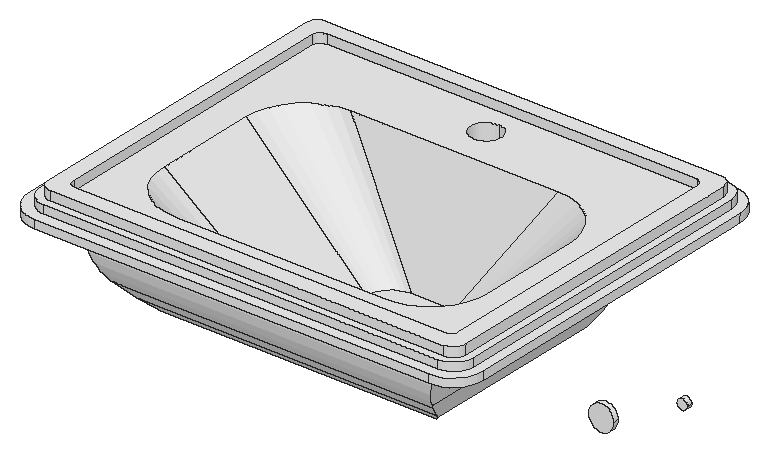
Revit family "Lavatory-Self-Rimming_ADA_LT531_TOTO", category Plumbing Fixtures, host Face, Revit 2013
Parameters
  ecoScorecard_data = "http://toto.ecoscorecard.com/product/LT531"
  ecoScorecard Product Page = "http://toto.ecoscorecard.com/product/LT531"
  Width = 22 1/2"  # constant formula
  Waste Connection NPT Radius = 5/8"  # constant formula
  Waste Connection = yes
  Warranty URL = "http://www.totousa.com/warranty-registration"
  Warranty = "One Year Limited Warranty"  # constant formula
  WFU = 0
  Vent Connection = no
  URL = "http://www.totousa.com"
  Toto BIM Number = "BM-00073"  # constant formula
  Subcategory = "Lavatories"  # constant formula
  Style = "Transitional"  # constant formula
  Spec Sheet URL = "http://assets.totousa.com/product-files/SS-00288_LT531.pdf"
  Sink Type = "Lavatory"  # constant formula
  Sink Configuration = "Single Sink"  # constant formula
  Shipping Weight = 28.00 lbf
  Series = "Promenade"  # constant formula
  SanoGloss Available = no
  Sanitary Connector = "Sanitary Connection"  # constant formula
  Product Page URL = " "
  Parts Manual URL = " "
  Mounting = "Self-Rimming"  # constant formula
  Model = "LT531"  # constant formula
  Material = "Vitreous China"  # constant formula
  Manufacturer Toll Free Phone = "1-888-295-8134"  # constant formula
  Manufacturer Phone = "(770) 282-8686"  # constant formula
  Manufacturer Fax = "(770) 282-0002"  # constant formula
  Manufacturer Email = "mailto:custservice@totousa.com"
  Manufacturer Address = "1155 Southern Road, Morrow, Georgia 30260"  # constant formula
  Manufacturer = "TOTO USA, Inc."  # constant formula
  Industry Standards = "Meets and exceeds ASME A112.19.2/CSA B45.1"  # constant formula
  Hot Water Connector = "Hot Water Connection"  # constant formula
  Hot Water Connection Radius = Hot Water Connection Diameter / 2  # 1/4"
  Hot Water Connection Diameter = 1/2"  # constant formula
  Height = 8 1/2"  # constant formula
  HWFU = 0
  HW Connection = yes
  Finish = Vitreous China - TOTO - 01 Cotton
  Description = "Self-Rimming Lavatory"  # constant formula
  Depth = 18 7/8"  # constant formula
  Default Elevation = 0"
  Cost Info = "mailto:custservice@totousa.com"
  Color Availability = "#01 Cotton, #03 Bone, #11 Colonial White, #12 Sedona Beige, #51 Ebony"  # constant formula
  Cold Water Connector = "Cold Water Connection"  # constant formula
  Cold Water Connection Radius = Cold Water Connection Diameter / 2  # 1/4"
  Cold Water Connection Diameter = 1/2"  # constant formula
  Code Compliance = "UPC, IPC, NSPC, NPC Canada, and others"  # constant formula
  Certifications = "IAPMO(cUPC), State of Massachusetts , City of Los Angeles, and others"  # constant formula
  CWFU = 0
  CW Connection = yes
  CAD Drawing URL = "http://assets.totousa.com/product-files/AD-00312_LT531.dxf"
  Basin Width = 16 3/4"  # constant formula
  Basin Depth = 11"  # constant formula
  Assembly Code = "D2010310"
  ADA Compliant = yes
  95 CSI = "15410"  # constant formula
  04 CSI = "22 42 16"  # constant formula
Reference planes (in)
  plane 1 "Center (Front/Back)": y = 0
  plane 2 "Bottom": z = 0
  plane 3 "Center (Left/Right)": x = 0
  plane 4 "Back": y = 9.4375
  plane 5 "Front": y = -9.4375
  plane 6 "Right": x = 11.25
  plane 7 "Left": x = -11.25
  plane 8: z = -7.25
  plane 9: z = 1.25
Forms (in)
  Extrusion 1, void
    sketch origin (-18.4375, -180, 35.125) x (-1, 0, 0) y (0, -1, 0)
      loop
        line (-8.89008, -187.46896) -> (-8.89008, -172.70492)
        arc (-8.89008, -172.70492) -> (-9.0054, -172.42652) -> (-9.28379, -172.31121) r 0.39371
        line (-9.28379, -172.31121) -> (-27.59121, -172.31121)
        arc (-27.59121, -172.31121) -> (-27.8696, -172.42652) -> (-27.98492, -172.70492) r 0.39371
        line (-27.98492, -172.70492) -> (-27.98492, -187.46896)
        arc (-27.98492, -187.46896) -> (-27.8696, -187.74735) -> (-27.59121, -187.86267) r 0.39371
        line (-27.59121, -187.86267) -> (-9.28379, -187.86267)
        arc (-9.28379, -187.86267) -> (-9.0054, -187.74735) -> (-8.89008, -187.46896) r 0.39371
    from -33.875 to -42.375
Dimensions and locks (in)
  equal spacing: plane 7 "Left", plane 3 "Center (Left/Right)", plane 6 "Right"
  equal spacing: plane 4 "Back", plane 1 "Center (Front/Back)", plane 5 "Front"
  "Depth": plane 4 "Back" to plane 5 "Front"
  "Width": plane 7 "Left" to plane 6 "Right"
  "Height": plane 9 to plane 8
  locked: plane 9 to level at 1.25
  aligned and locked: plane 2 "Bottom" to host face
  aligned and locked: level to host face
  aligned and locked: Extrusion 1 to plane 9
  aligned and locked: Extrusion 1 to plane 8
  aligned and locked: plane 3 "Center (Left/Right)" to nested 1
  aligned and locked: plane 1 "Center (Front/Back)" to nested 1
Automatic sketch dimensions
  host sketch curve to host sketch curve = 96"  (x2)
Nested families (in)
  nested 1: "Lavatory-Self-Rimming_ADA_LT531_TotoUSA" at (0, 0, 0), type "LT531"
Connectors (in)
  piping at (0, 13.6875, -15), driven by "Waste Connection NPT Radius", driven by "Waste Connection", driven by "Waste Connection", driven by "Sanitary Connector", driven by "WFU"
    settings: on nested 1, index 1, connector radius 5/8", flow factor 0, pipe flow 0 GPM, pressure drop 0.00 psi, fitting loss kfactor 0, connector angle 0.00°, fixture units 0, engagement length 0", flow configuration 3, flow direction 2, fitting loss method 0, system type 16, joint type 0, gender type 0, connector reference index -1, connector utility 1, adjustable connector yes, is connector primary yes, fitting loss table "", connector description "Sanitary Connection"
  piping at (-4, 13.6875, -13), driven by "Hot Water Connection Radius", driven by "HW Connection", driven by "HW Connection", driven by "Hot Water Connector", driven by "HWFU"
    settings: on nested 1, index 2, connector radius 1/4", flow factor 0, pipe flow 0 GPM, pressure drop 0.00 psi, fitting loss kfactor 0, connector angle 0.00°, fixture units 0, engagement length 0", flow configuration 3, flow direction 1, fitting loss method 0, system type 19, joint type 0, gender type 0, connector reference index -1, connector utility 1, adjustable connector yes, is connector primary no, fitting loss table "", connector description "Hot Water Connection"
  piping at (4, 13.6875, -13), driven by "Cold Water Connection Radius", driven by "CW Connection", driven by "CW Connection", driven by "Cold Water Connector", driven by "CWFU"
    settings: on nested 1, index 3, connector radius 1/4", flow factor 0, pipe flow 0 GPM, pressure drop 0.00 psi, fitting loss kfactor 0, connector angle 0.00°, fixture units 0, engagement length 0", flow configuration 3, flow direction 1, fitting loss method 0, system type 20, joint type 0, gender type 0, connector reference index -1, connector utility 1, adjustable connector yes, is connector primary no, fitting loss table "", connector description "Cold Water Connection"
Definition of nested family "Lavatory-Self-Rimming_ADA_LT531_TotoUSA"
  Parameters (values of type "LT531")
    Width = 22 1/2"  # constant formula
    Waste Connection NPT Radius = 5/8"
    Waste Connection = yes
    WFU = 0
    Vent Connection = yes
    URL = ""
    Model = ""
    Manufacturer = ""
    Height = 8 1/2"  # constant formula
    HWFU = 0
    HW Connection = yes
    Finish = Vitreous China - TOTO - 01 Cotton
    Description = ""
    Depth = 18 7/8"  # constant formula
    CWFU = 0
    CW Connection = yes
    Basin Width = 16 3/4"
    Basin Depth = 11"
    Assembly Code = ""
  Reference planes (in)
    plane 1 "Center (Front/Back)": y = 0
    plane 2: z = 0
    plane 3 "Center (Left/Right)": x = 0
    plane 4: y = 9.4375
    plane 5: y = -9.4375
    plane 6: x = -11.25
    plane 7: x = 11.25
    plane 8: z = -7.25
    plane 9: z = 1.25
    plane 10: z = -15
    plane 11 "Wall Closure": y = 13.4375
    plane 12: x = -4
    plane 13: x = 4
    plane 14: z = -13
    plane 15: z = 0.4
    plane 16: z = 0.8
    plane 17: y = 6.3125
    plane 18: z = -34
    plane 19: z = -0.51555
    plane 20: z = -5.24606
  Dimensions and locks (in)
    equal spacing: plane 4, plane 1 "Center (Front/Back)", plane 5  (x2)
    equal spacing: plane 6, plane 3 "Center (Left/Right)", plane 7  (x2)
    locked: plane 9 to plane 2 at 1.25
    equal spacing: plane 12, plane 3 "Center (Left/Right)", plane 13, locked at 4 each  (x2)
    locked: plane 2 to plane 10 at 15
    plane 4 to plane 11 "Wall Closure" = 4"
    "Height": plane 9 to plane 8
    locked: plane 2 to plane 14 at 13
    "Depth": plane 4 to plane 5
    "Width": plane 6 to plane 7
    locked: plane 9 to plane 16 at 0.45
    locked: plane 9 to plane 15 at 0.85
    locked: plane 17 to plane 4 at 3.125
    locked: plane 10 to plane 18 at 19
    locked: plane 9 to plane 20 at 6.49606
    aligned and locked: plane 3 "Center (Left/Right)" to nested 1
    aligned and locked: plane 1 "Center (Front/Back)" to nested 1
    aligned and locked: nested 1 to plane 2
    aligned and locked: plane 3 "Center (Left/Right)" to nested 2
    aligned and locked: plane 1 "Center (Front/Back)" to nested 2
    aligned and locked: nested 2 to plane 2
  Nested families (in)
    nested 1: "LT531" at (0, 0, 0), type "LT531"
    nested 2: "2D-PlanDetails" at (0, 0, -7.25), type "2D-PlanDetails"
  Definition of nested family "LT531"
    Parameters (values of type "LT531")
      Width = 22 1/2"  # constant formula
      Waste Connection = yes
      WFU = 0
      Vent Connection = yes
      URL = ""
      Model = ""
      Manufacturer = ""
      Length = 18 7/8"  # constant formula
      Lavatory Material = none
      Height = 8 1/2"  # constant formula
      HWFU = 0
      HW Connection = yes
      Description = ""
      CWFU = 0
      CW Connection = yes
      Assembly Code = ""
    Reference planes (in)
      plane 1 "Center (Front/Back)": y = 0
      plane 2: z = 0
      plane 3 "Center (Left/Right)": x = 0
      plane 4: y = 9.4375
      plane 5: y = -9.4375
      plane 6: x = -11.25
      plane 7: x = 11.25
      plane 8: z = -7.25
      plane 9: z = 1.25
      plane 10: z = -15
      plane 11 "Wall Closure": y = 13.4375
      plane 12: x = -4
      plane 13: x = 4
      plane 14: z = -13
      plane 15: z = 0.4
      plane 16: z = 0.8
      plane 17: y = 6.3125
      plane 18: z = -34
      plane 19: z = -0.51555
      plane 20: z = -5.24606
    Forms (in)
      Extrusion 1, solid, material <- "Lavatory Material", detail levels fine
        sketch origin (0, 0, 0) x (1, 0, 0) y (0, 1, 0)
          loop
            line (-11.25, 7.9375) -> (-11.25, -7.9375)
            arc (-11.25, -7.9375) -> (-10.81066, -8.99816) -> (-9.75, -9.4375) r 1.5
            line (-9.75, -9.4375) -> (9.75, -9.4375)
            arc (9.75, -9.4375) -> (10.81066, -8.99816) -> (11.25, -7.9375) r 1.5
            line (11.25, -7.9375) -> (11.25, 7.9375)
            arc (11.25, 7.9375) -> (10.81066, 8.99816) -> (9.75, 9.4375) r 1.5
            line (9.75, 9.4375) -> (-9.75, 9.4375)
            arc (-9.75, 9.4375) -> (-10.81066, 8.99816) -> (-11.25, 7.9375) r 1.5
          loop
            arc (-9.74427, 9.04379) -> (-10.44025, 8.75551) -> (-10.72854, 8.05952) r 0.98427
            line (-10.72854, 8.05952) -> (-10.72854, -7.88565)
            arc (-10.72854, -7.88565) -> (-10.44025, -8.58163) -> (-9.74427, -8.86992) r 0.98427
            line (-9.74427, -8.86992) -> (9.74427, -8.86992)
            arc (9.74427, -8.86992) -> (10.44025, -8.58163) -> (10.72854, -7.88565) r 0.98427
            line (10.72854, -7.88565) -> (10.72854, 8.05952)
            arc (10.72854, 8.05952) -> (10.44025, 8.75551) -> (9.74427, 9.04379) r 0.98427
            line (9.74427, 9.04379) -> (-9.74427, 9.04379)
        from 0 to 0.4
      Extrusion 2, solid, material <- "Lavatory Material", detail levels fine
        sketch origin (0, 0, 0) x (1, 0, 0) y (0, 1, 0)
          loop
            line (-10.72854, 8.05952) -> (-10.72854, -7.88565)
            arc (-10.72854, -7.88565) -> (-10.44025, -8.58163) -> (-9.74427, -8.86992) r 0.98427
            line (-9.74427, -8.86992) -> (9.74427, -8.86992)
            arc (9.74427, -8.86992) -> (10.44025, -8.58163) -> (10.72854, -7.88565) r 0.98427
            line (10.72854, -7.88565) -> (10.72854, 8.05952)
            arc (10.72854, 8.05952) -> (10.44025, 8.75551) -> (9.74427, 9.04379) r 0.98427
            line (9.74427, 9.04379) -> (-9.74427, 9.04379)
            arc (-9.74427, 9.04379) -> (-10.44025, 8.75551) -> (-10.72854, 8.05952) r 0.98427
          loop
            arc (-9.74427, 8.65008) -> (-10.16186, 8.47711) -> (-10.33483, 8.05952) r 0.59056
            line (-10.33483, 8.05952) -> (-10.33483, -7.88565)
            arc (-10.33483, -7.88565) -> (-10.16186, -8.30324) -> (-9.74427, -8.47621) r 0.59056
            line (-9.74427, -8.47621) -> (9.74427, -8.47621)
            arc (9.74427, -8.47621) -> (10.16186, -8.30324) -> (10.33483, -7.88565) r 0.59056
            line (10.33483, -7.88565) -> (10.33483, 8.05952)
            arc (10.33483, 8.05952) -> (10.16186, 8.47711) -> (9.74427, 8.65008) r 0.59056
            line (9.74427, 8.65008) -> (-9.74427, 8.65008)
        from 0 to 0.8
      Extrusion 3, solid, material <- "Lavatory Material", detail levels fine
        sketch origin (0, 0, 0) x (1, 0, 0) y (0, 1, 0)
          loop
            line (-10.33483, 8.05952) -> (-10.33483, -7.88565)
            arc (-10.33483, -7.88565) -> (-10.16186, -8.30324) -> (-9.74427, -8.47621) r 0.59056
            line (-9.74427, -8.47621) -> (9.74427, -8.47621)
            arc (9.74427, -8.47621) -> (10.16186, -8.30324) -> (10.33483, -7.88565) r 0.59056
            line (10.33483, -7.88565) -> (10.33483, 8.05952)
            arc (10.33483, 8.05952) -> (10.16186, 8.47711) -> (9.74427, 8.65008) r 0.59056
            line (9.74427, 8.65008) -> (-9.74427, 8.65008)
            arc (-9.74427, 8.65008) -> (-10.16186, 8.47711) -> (-10.33483, 8.05952) r 0.59056
        from 0 to 1.25
      Extrusion 4, solid, material <- "Lavatory Material", detail levels fine
        sketch origin (0, 0, 0) x (1, 0, 0) y (0, 0, 1)
          loop
            arc (-8.80357, 0) -> (-8.4836, -1.36224) -> (-8.0098, -2.6789) r 12.20494
            arc (-8.0098, -2.6789) -> (-6.91239, -4.33847) -> (-5.29726, -5.5003) r 5.51191
            arc (-5.29726, -5.5003) -> (-3.63099, -6.14441) -> (-1.88855, -6.53838) r 12.20494
            line (-1.88855, -6.53838) -> (-1.17693, -7.25) -> (1.30505, -7.25)
            arc (1.30505, -7.25) -> (1.67543, -6.85978) -> (2.06515, -6.48887) r 10.59518
            arc (2.06515, -6.48887) -> (3.71646, -6.09557) -> (5.29726, -5.477) r 12.2077
            arc (5.29726, -5.477) -> (6.91234, -4.31486) -> (8.0098, -2.65515) r 5.51418
            arc (8.0098, -2.65515) -> (8.48016, -1.35005) -> (8.79938, 0) r 12.20521
            line (8.79938, 0) -> (-8.80357, 0)
        from -7.2623 to 7.88565
      Extrusion 5, void
        sketch origin (0, 0, 0) x (0, 1, 0) y (0, 0, 1)
          loop
            line (-7.7401, -0.83683) -> (-7.78764, 0) -> (-7.88565, 0) -> (-7.88565, -7.25) -> (0.12504, -7.25)
            arc (0.12504, -7.25) -> (-0.02683, -6.9436) -> (-0.25125, -6.68557) r 1.34096
            line (-0.25125, -6.68557) -> (-3.72782, -5.31421)
            arc (-3.72782, -5.31421) -> (-4.92446, -4.68416) -> (-5.95666, -3.81038) r 6.22058
            line (-5.95666, -3.81038) -> (-6.88007, -2.83687)
            arc (-6.88007, -2.83687) -> (-7.48839, -1.91352) -> (-7.7401, -0.83683) r 3.14966
        from -11.25 to 11.25
      Extrusion 6, void
        sketch origin (0, 0, 0) x (0, 1, 0) y (0, 0, 1)
          loop
            line (7.2623, -7.25) -> (7.2623, 0) -> (4.52397, 0)
            arc (4.52397, 0) -> (4.26899, -2.19569) -> (3.85046, -4.36616) r 29.52809
            arc (3.85046, -4.36616) -> (3.64243, -4.83721) -> (3.27599, -5.19899) r 1.37798
            arc (3.27599, -5.19899) -> (3.19589, -5.2765) -> (3.1478, -5.37705) r 0.31497
            line (3.1478, -5.37705) -> (2.63301, -7.25) -> (7.2623, -7.25)
        from -11.25 to 11.25
      SweptBlend 7, void
        path origin (0, 0, 0) x (1, 0, 0) y (0, 0, 1)
          loop
            line (0, 1.25) -> (0, -5.24606)
        profile origin (0, 0, 1.25) x (0, -1, 0) y (1, 0, 0)
          loop
            line (-4.4375, 5.4375) -> (-4.4375, -5.4375)
            arc (-4.4375, -5.4375) -> (-3.55882, -7.55882) -> (-1.4375, -8.4375) r 3
            line (-1.4375, -8.4375) -> (3.6875, -8.4375)
            arc (3.6875, -8.4375) -> (5.80882, -7.55882) -> (6.6875, -5.4375) r 3
            line (6.6875, -5.4375) -> (6.6875, 5.4375)
            arc (6.6875, 5.4375) -> (5.80882, 7.55882) -> (3.6875, 8.4375) r 3
            line (3.6875, 8.4375) -> (-1.4375, 8.4375)
            arc (-1.4375, 8.4375) -> (-3.55882, 7.55882) -> (-4.4375, 5.4375) r 3
        end profile origin (0, 0, -5.24606) x (0, -1, 0) y (1, 0, 0)
          loop
            arc (-2.963, -1.04719) -> (-2.59514, -1.93529) -> (-1.70705, -2.30315) r 1.25596
            line (-1.70705, -2.30315) -> (2.32061, -2.30315)
            arc (2.32061, -2.30315) -> (3.20871, -1.93529) -> (3.57657, -1.04719) r 1.25596
            line (3.57657, -1.04719) -> (3.57657, 1.04719)
            arc (3.57657, 1.04719) -> (3.20871, 1.93529) -> (2.32061, 2.30315) r 1.25596
            line (2.32061, 2.30315) -> (-1.70705, 2.30315)
            arc (-1.70705, 2.30315) -> (-2.59514, 1.93529) -> (-2.963, 1.04719) r 1.25596
            line (-2.963, 1.04719) -> (-2.963, -1.04719)
      Extrusion 8, void
        sketch origin (0, 0, 0) x (1, 0, 0) y (0, 1, 0)
          loop
            arc (-9.15371, 7.86267) -> (-9.4321, 7.74735) -> (-9.54742, 7.46896) r 0.39371
            line (-9.54742, 7.46896) -> (-9.54742, -7.29508)
            arc (-9.54742, -7.29508) -> (-9.4321, -7.57348) -> (-9.15371, -7.68879) r 0.39371
            line (-9.15371, -7.68879) -> (9.15371, -7.68879)
            arc (9.15371, -7.68879) -> (9.4321, -7.57348) -> (9.54742, -7.29508) r 0.39371
            line (9.54742, -7.29508) -> (9.54742, 7.46896)
            arc (9.54742, 7.46896) -> (9.4321, 7.74735) -> (9.15371, 7.86267) r 0.39371
            line (9.15371, 7.86267) -> (-9.15371, 7.86267)
        from 0.8 to 1.25
      Extrusion 9, void
        sketch origin (0, 0, 0) x (0, 1, 0) y (1, 0, 0)
          loop
            circle (6.3125, 0) r 0.75
        from -1.25 to 0
      Extrusion 10, void
        sketch origin (-19, -180, -7.25) x (-1, 0, 0) y (0, -1, 0)
          loop
            circle (-19, -181.56334) r 0.75
        from 0 to 2.00394
      Extrusion 11, solid, material <- "Lavatory Material"
        sketch origin (0, 0, 0) x (1, 0, 0) y (0, 0, 1)
          loop
            circle (0, -15) r 0.625
        from -13.6875 to -13.4375
      Extrusion 12, solid, material <- "Lavatory Material"
        sketch origin (0, 0, 0) x (1, 0, 0) y (0, 0, 1)
          loop
            circle (-4, -13) r 0.25
          loop
            circle (4, -13) r 0.25
        from -13.6875 to -13.4375
      Extrusion 13, void
        sketch origin (0, 0, 0) x (1, 0, 0) y (0, 0, 1)
          loop
            circle (0, -0.44291) r 0.3125
          loop
            circle (1.10236, -0.44291) r 0.3125
          loop
            circle (-1.10236, -0.44291) r 0.3125
        from 0 to 9.4375
      Extrusion 14, solid, material <- "Lavatory Material", detail levels coarse
        sketch origin (-9.54742, -180, 1.25) x (0, -1, 0) y (-1, 0, 0)
          loop
            line (-170.5625, 1.70258) -> (-189.4375, 1.70258) -> (-189.4375, -20.79742) -> (-170.5625, -20.79742) -> (-170.5625, 1.70258)
        from 0 to 1.25
      Sweep 15, solid, material <- "Lavatory Material", detail levels coarse
        path origin (0, 0, 0) x (1, 0, 0) y (0, 0, 1)
          loop
            line (0, 0) -> (0, -7.25)
        profile origin (0, 0, -3.625) x (0, -1, 0) y (1, 0, 0)
          loop
            line (-4.52399, -8.80363) -> (7.78764, -8.80363) -> (7.78764, 8.79938) -> (-4.52399, 8.79938) -> (-4.52399, -8.80363)
      Extrusion 16, solid, material <- "Lavatory Material", detail levels medium
        sketch origin (0, 0, 0) x (1, 0, 0) y (0, 1, 0)
          loop
            line (-10.33483, 8.05952) -> (-10.33483, -7.88565)
            arc (-10.33483, -7.88565) -> (-10.16186, -8.30324) -> (-9.74427, -8.47621) r 0.59056
            line (-9.74427, -8.47621) -> (9.74427, -8.47621)
            arc (9.74427, -8.47621) -> (10.16186, -8.30324) -> (10.33483, -7.88565) r 0.59056
            line (10.33483, -7.88565) -> (10.33483, 8.05952)
            arc (10.33483, 8.05952) -> (10.16186, 8.47711) -> (9.74427, 8.65008) r 0.59056
            line (9.74427, 8.65008) -> (-9.74427, 8.65008)
            arc (-9.74427, 8.65008) -> (-10.16186, 8.47711) -> (-10.33483, 8.05952) r 0.59056
        from 0 to 1.25
      Extrusion 17, void
        sketch origin (0, 0, 0) x (0, 1, 0) y (0, 0, 1)
          loop
            line (-7.7401, -0.83683) -> (-7.78764, 0) -> (-7.88565, 0) -> (-7.88565, -7.25) -> (0.12504, -7.25)
            arc (0.12504, -7.25) -> (-0.02683, -6.9436) -> (-0.25125, -6.68557) r 1.34096
            line (-0.25125, -6.68557) -> (-3.72782, -5.31421)
            arc (-3.72782, -5.31421) -> (-4.92446, -4.68416) -> (-5.95666, -3.81038) r 6.22058
            line (-5.95666, -3.81038) -> (-6.88007, -2.83687)
            arc (-6.88007, -2.83687) -> (-7.48839, -1.91352) -> (-7.7401, -0.83683) r 3.14966
        from -11.25 to 11.25
      Extrusion 18, void
        sketch origin (0, 0, 0) x (0, 1, 0) y (0, 0, 1)
          loop
            line (7.2623, -7.25) -> (7.2623, 0) -> (4.52397, 0)
            arc (4.52397, 0) -> (4.26899, -2.19569) -> (3.85046, -4.36616) r 29.52809
            arc (3.85046, -4.36616) -> (3.64243, -4.83721) -> (3.27599, -5.19899) r 1.37798
            arc (3.27599, -5.19899) -> (3.19589, -5.2765) -> (3.1478, -5.37705) r 0.31497
            line (3.1478, -5.37705) -> (2.63301, -7.25) -> (7.2623, -7.25)
        from -11.25 to 11.25
      SweptBlend 19, void
        path origin (0, 0, 0) x (1, 0, 0) y (0, 0, 1)
          loop
            line (0, 1.25) -> (0, -5.24606)
        profile origin (0, 0, 1.25) x (0, -1, 0) y (1, 0, 0)
          loop
            line (-4.4375, 5.4375) -> (-4.4375, -5.4375)
            arc (-4.4375, -5.4375) -> (-3.55882, -7.55882) -> (-1.4375, -8.4375) r 3
            line (-1.4375, -8.4375) -> (3.6875, -8.4375)
            arc (3.6875, -8.4375) -> (5.80882, -7.55882) -> (6.6875, -5.4375) r 3
            line (6.6875, -5.4375) -> (6.6875, 5.4375)
            arc (6.6875, 5.4375) -> (5.80882, 7.55882) -> (3.6875, 8.4375) r 3
            line (3.6875, 8.4375) -> (-1.4375, 8.4375)
            arc (-1.4375, 8.4375) -> (-3.55882, 7.55882) -> (-4.4375, 5.4375) r 3
        end profile origin (0, 0, -5.24606) x (0, -1, 0) y (1, 0, 0)
          loop
            arc (-2.963, -1.04719) -> (-2.59514, -1.93529) -> (-1.70705, -2.30315) r 1.25596
            line (-1.70705, -2.30315) -> (2.32061, -2.30315)
            arc (2.32061, -2.30315) -> (3.20871, -1.93529) -> (3.57657, -1.04719) r 1.25596
            line (3.57657, -1.04719) -> (3.57657, 1.04719)
            arc (3.57657, 1.04719) -> (3.20871, 1.93529) -> (2.32061, 2.30315) r 1.25596
            line (2.32061, 2.30315) -> (-1.70705, 2.30315)
            arc (-1.70705, 2.30315) -> (-2.59514, 1.93529) -> (-2.963, 1.04719) r 1.25596
            line (-2.963, 1.04719) -> (-2.963, -1.04719)
      Extrusion 20, void
        sketch origin (0, 0, 0) x (1, 0, 0) y (0, 1, 0)
          loop
            arc (-9.15371, 7.86267) -> (-9.4321, 7.74735) -> (-9.54742, 7.46896) r 0.39371
            line (-9.54742, 7.46896) -> (-9.54742, -7.29508)
            arc (-9.54742, -7.29508) -> (-9.4321, -7.57348) -> (-9.15371, -7.68879) r 0.39371
            line (-9.15371, -7.68879) -> (9.15371, -7.68879)
            arc (9.15371, -7.68879) -> (9.4321, -7.57348) -> (9.54742, -7.29508) r 0.39371
            line (9.54742, -7.29508) -> (9.54742, 7.46896)
            arc (9.54742, 7.46896) -> (9.4321, 7.74735) -> (9.15371, 7.86267) r 0.39371
            line (9.15371, 7.86267) -> (-9.15371, 7.86267)
        from 0.8 to 1.25
      Extrusion 21, solid, material <- "Lavatory Material", detail levels medium
        sketch origin (0, 0, 0) x (1, 0, 0) y (0, 0, 1)
          loop
            arc (-8.80357, -0.00009) -> (-8.4836, -1.3623) -> (-8.0098, -2.67894) r 12.20495
            arc (-8.0098, -2.67894) -> (-6.91239, -4.3385) -> (-5.29727, -5.50033) r 5.51189
            arc (-5.29727, -5.50033) -> (-3.631, -6.14443) -> (-1.88856, -6.53841) r 12.20496
            line (-1.88856, -6.53841) -> (-1.17694, -7.24993) -> (1.30506, -7.24993)
            arc (1.30506, -7.24993) -> (1.67544, -6.85971) -> (2.06515, -6.4888) r 10.5952
            arc (2.06515, -6.4888) -> (3.71647, -6.09549) -> (5.29726, -5.47692) r 12.20767
            arc (5.29726, -5.47692) -> (6.91267, -4.31448) -> (8.01021, -2.6543) r 5.51424
            arc (8.01021, -2.6543) -> (8.4803, -1.34965) -> (8.79937, -0.00009) r 12.20521
            line (8.79937, -0.00009) -> (-8.80357, -0.00009)
        from -7.2623 to 7.88565
      Extrusion 22, solid, material <- "Lavatory Material", detail levels medium+fine
        sketch origin (0, 0, 0) x (1, 0, 0) y (0, 1, 0)
          loop
            line (-11.25, 7.9375) -> (-11.25, -7.9375)
            arc (-11.25, -7.9375) -> (-10.81066, -8.99816) -> (-9.75, -9.4375) r 1.5
            line (-9.75, -9.4375) -> (9.75, -9.4375)
            arc (9.75, -9.4375) -> (10.81066, -8.99816) -> (11.25, -7.9375) r 1.5
            line (11.25, -7.9375) -> (11.25, 7.9375)
            arc (11.25, 7.9375) -> (10.81066, 8.99816) -> (9.75, 9.4375) r 1.5
            line (9.75, 9.4375) -> (-9.75, 9.4375)
            arc (-9.75, 9.4375) -> (-10.81066, 8.99816) -> (-11.25, 7.9375) r 1.5
          loop
            arc (-9.74427, 9.04379) -> (-10.44025, 8.75551) -> (-10.72854, 8.05952) r 0.98427
            line (-10.72854, 8.05952) -> (-10.72854, -7.88565)
            arc (-10.72854, -7.88565) -> (-10.44025, -8.58163) -> (-9.74427, -8.86992) r 0.98427
            line (-9.74427, -8.86992) -> (9.74427, -8.86992)
            arc (9.74427, -8.86992) -> (10.44025, -8.58163) -> (10.72854, -7.88565) r 0.98427
            line (10.72854, -7.88565) -> (10.72854, 8.05952)
            arc (10.72854, 8.05952) -> (10.44025, 8.75551) -> (9.74427, 9.04379) r 0.98427
            line (9.74427, 9.04379) -> (-9.74427, 9.04379)
        from 0 to 0.4
      Extrusion 23, solid, material <- "Lavatory Material", detail levels medium+fine
        sketch origin (0, 0, 0) x (1, 0, 0) y (0, 1, 0)
          loop
            line (-10.72854, 8.05952) -> (-10.72854, -7.88565)
            arc (-10.72854, -7.88565) -> (-10.44025, -8.58163) -> (-9.74427, -8.86992) r 0.98427
            line (-9.74427, -8.86992) -> (9.74427, -8.86992)
            arc (9.74427, -8.86992) -> (10.44025, -8.58163) -> (10.72854, -7.88565) r 0.98427
            line (10.72854, -7.88565) -> (10.72854, 8.05952)
            arc (10.72854, 8.05952) -> (10.44025, 8.75551) -> (9.74427, 9.04379) r 0.98427
            line (9.74427, 9.04379) -> (-9.74427, 9.04379)
            arc (-9.74427, 9.04379) -> (-10.44025, 8.75551) -> (-10.72854, 8.05952) r 0.98427
          loop
            arc (-9.74427, 8.65008) -> (-10.16186, 8.47711) -> (-10.33483, 8.05952) r 0.59056
            line (-10.33483, 8.05952) -> (-10.33483, -7.88565)
            arc (-10.33483, -7.88565) -> (-10.16186, -8.30324) -> (-9.74427, -8.47621) r 0.59056
            line (-9.74427, -8.47621) -> (9.74427, -8.47621)
            arc (9.74427, -8.47621) -> (10.16186, -8.30324) -> (10.33483, -7.88565) r 0.59056
            line (10.33483, -7.88565) -> (10.33483, 8.05952)
            arc (10.33483, 8.05952) -> (10.16186, 8.47711) -> (9.74427, 8.65008) r 0.59056
            line (9.74427, 8.65008) -> (-9.74427, 8.65008)
        from 0 to 0.8
    Cuts and joins
      Extrusion 5, Extrusion 6, SweptBlend 7, Extrusion 8, Extrusion 9, Extrusion 10, Extrusion 13, Extrusion 17, Extrusion 18, SweptBlend 19, Extrusion 20 cuts Extrusion 1
      SweptBlend 7, Extrusion 8, Extrusion 10, Extrusion 13, Extrusion 17, Extrusion 18, SweptBlend 19, Extrusion 20 cuts Extrusion 2
      Extrusion 5, Extrusion 6, SweptBlend 7, Extrusion 8, Extrusion 9, Extrusion 10, Extrusion 13, Extrusion 17, Extrusion 18, SweptBlend 19, Extrusion 20 cuts Extrusion 3
      Extrusion 5, Extrusion 6, SweptBlend 7, Extrusion 8, Extrusion 10, Extrusion 13, Extrusion 17, Extrusion 18, SweptBlend 19, Extrusion 20 cuts Extrusion 4
      joined: Extrusion 1, Extrusion 2, Extrusion 3, Extrusion 4
      Extrusion 17, Extrusion 18, SweptBlend 19, Extrusion 20 cuts Extrusion 14
      Extrusion 17, SweptBlend 19, Extrusion 20 cuts Extrusion 16
      Extrusion 17, Extrusion 18, SweptBlend 19, Extrusion 20 cuts Extrusion 21
      joined: Extrusion 16, Extrusion 21
      joined: Extrusion 22, Extrusion 23
    Dimensions and locks (in)
      equal spacing: plane 4, plane 1 "Center (Front/Back)", plane 5  (x2)
      equal spacing: plane 6, plane 3 "Center (Left/Right)", plane 7  (x2)
      locked: plane 9 to plane 2 at 1.25
      locked: Extrusion 11 sketch curve to plane 10 at 0
      locked: Extrusion 11 sketch curve to plane 3 "Center (Left/Right)" at 0
      locked: plane 11 "Wall Closure" to Extrusion 11 at 0.25
      equal spacing: plane 12, plane 3 "Center (Left/Right)", plane 13, locked at 4 each  (x2)
      locked: plane 2 to plane 10 at 15
      locked: plane 14 to Extrusion 12 sketch curve at 0  (x2)
      locked: plane 12 to Extrusion 12 sketch curve at 0
      locked: plane 13 to Extrusion 12 sketch curve at 0
      plane 4 to plane 11 "Wall Closure" = 4"
      "Height": plane 9 to plane 8
      locked: plane 2 to plane 14 at 13
      "Length": plane 4 to plane 5
      "Width": plane 6 to plane 7
      locked: plane 9 to plane 16 at 0.45
      locked: plane 9 to plane 15 at 0.85
      locked: Extrusion 1 sketch curve to plane 6 at 0
      locked: Extrusion 1 sketch curve to plane 4 at 0
      locked: Extrusion 1 sketch curve to plane 7 at 1.5  (x2)
      locked: plane 4 to Extrusion 1 sketch curve at 1.5
      locked: Extrusion 1 sketch curve to plane 5 at 1.5  (x2)
      locked: plane 6 to Extrusion 1 sketch curve at 1.5
      locked: plane 6 to Extrusion 1 sketch curve at 0.52146
      locked: plane 4 to Extrusion 1 sketch curve at 0.39371
      locked: Extrusion 1 sketch curve to plane 7 at 0.52146
      locked: plane 5 to Extrusion 1 sketch curve at 0.56758
      plane 6 to Extrusion 2 sketch curve to Extrusion 2 sketch curve = 0.52146" locked, 0.39371" locked
      Extrusion 2 sketch curve to Extrusion 2 sketch curve to plane 4 = 0.39371" locked, 0.39371" locked
      Extrusion 2 sketch curve to Extrusion 2 sketch curve to plane 7 = 0.39371" locked, 0.52146" locked
      cut or joined group of Extrusion 1, Extrusion 2, Extrusion 3, Extrusion 4, Extrusion 5, Extrusion 6, SweptBlend 7, Extrusion 8, Extrusion 9, Extrusion 10, Extrusion 13, Extrusion 17, Extrusion 18, SweptBlend 19, Extrusion 20 to cut or joined group of Extrusion 1, Extrusion 2, Extrusion 3, Extrusion 4, Extrusion 5, Extrusion 6, SweptBlend 7, Extrusion 8, Extrusion 9, Extrusion 10, Extrusion 13, Extrusion 17, Extrusion 18, SweptBlend 19, Extrusion 20 to plane 5 = 0.39371" locked, 0.56758" locked
      plane 6 to Extrusion 2 sketch curve = 0.91517"  (x2)
      locked: Extrusion 2 sketch curve to plane 5 at 0.96129  (x2)
      locked: Extrusion 2 sketch curve to plane 5 at 0.56758
      Extrusion 2 sketch curve to plane 7 = 0.91517"
      locked: Extrusion 2 sketch curve to plane 5 at 1.55185
      locked: plane 4 to Extrusion 2 sketch curve at 0.78742
      locked: plane 4 to Extrusion 2 sketch curve at 1.37798  (x2)
      locked: plane 4 to Extrusion 2 sketch curve at 0.39371
      plane 4 to Extrusion 2 sketch curve = 0.78742"
      plane 4 to Extrusion 2 sketch curve = 0.39371"
      locked: plane 6 to Extrusion 8 sketch curve at 1.70258
      locked: Extrusion 8 sketch curve to plane 4 at 1.57483
      locked: Extrusion 8 sketch curve to plane 7 at 1.70258
      locked: plane 5 to Extrusion 8 sketch curve at 1.74871
      locked: plane 3 "Center (Left/Right)" to Extrusion 10 sketch curve at 0
      locked: plane 1 "Center (Front/Back)" to cut or joined group of Extrusion 1, Extrusion 2, Extrusion 3, Extrusion 4, Extrusion 5, Extrusion 6, SweptBlend 7, Extrusion 8, Extrusion 9, Extrusion 10, Extrusion 13, Extrusion 17, Extrusion 18, SweptBlend 19, Extrusion 20 at 1.56334
      locked: plane 17 to plane 4 at 3.125
      locked: plane 3 "Center (Left/Right)" to Extrusion 9 sketch curve at 0
      locked: plane 17 to Extrusion 9 sketch curve at 0
      locked: Extrusion 5 sketch curve to plane 1 "Center (Front/Back)" at 3.72782
      locked: Extrusion 5 sketch curve to plane 1 "Center (Front/Back)" at 5.95666
      locked: Extrusion 5 sketch curve to plane 1 "Center (Front/Back)" at 4.59489
      locked: Extrusion 5 sketch curve to plane 1 "Center (Front/Back)" at 7.7401
      locked: Extrusion 5 sketch curve to plane 1 "Center (Front/Back)" at 7.78764
      locked: plane 5 to Extrusion 5 sketch curve at 1.55185
      locked: plane 17 to Extrusion 6 sketch curve at 0.9498
      locked: Extrusion 6 sketch curve to plane 17 at 2.46204
      locked: Extrusion 6 sketch curve to plane 17 at 3.1647
      locked: plane 6 to SweptBlend 7 sketch curve at 2.8125  (x2)
      locked: SweptBlend 7 sketch curve to plane 5 at 2.75  (x2)
      plane 5 to SweptBlend 7 sketch curve = 2 3/4"
      locked: SweptBlend 7 sketch curve to plane 7 at 2.8125  (x2)
      SweptBlend 7 sketch curve to plane 7 = 2 13/16"
      locked: SweptBlend 7 sketch curve to plane 17 at 1.875  (x2)
      plane 17 to SweptBlend 7 sketch curve = 1 7/8"
      locked: SweptBlend 7 sketch curve to plane 17 at 4.875
      locked: plane 10 to plane 18 at 19
      locked: Extrusion 4 sketch curve to plane 2 at 0  (x2)
      plane 2 to Extrusion 4 sketch curve = 2.6789"
      locked: Extrusion 4 sketch curve to plane 13 at 1.93485
      locked: plane 13 to Extrusion 4 sketch curve at 1.29726
      locked: plane 13 to Extrusion 4 sketch curve at 4.0098
      plane 13 to cut or joined group of Extrusion 1, Extrusion 2, Extrusion 3, Extrusion 4, Extrusion 5, Extrusion 6, SweptBlend 7, Extrusion 8, Extrusion 9, Extrusion 10, Extrusion 13, Extrusion 17, Extrusion 18, SweptBlend 19, Extrusion 20 = 4.62068"
      Extrusion 4 sketch curve to plane 2 = 0"
      locked: plane 5 to cut or joined group of Extrusion 1, Extrusion 2, Extrusion 3, Extrusion 4, Extrusion 5, Extrusion 6, SweptBlend 7, Extrusion 8, Extrusion 9, Extrusion 10, Extrusion 13, Extrusion 17, Extrusion 18, SweptBlend 19, Extrusion 20 at 1.74871
      locked: plane 5 to cut or joined group of Extrusion 1, Extrusion 2, Extrusion 3, Extrusion 4, Extrusion 5, Extrusion 6, SweptBlend 7, Extrusion 8, Extrusion 9, Extrusion 10, Extrusion 13, Extrusion 17, Extrusion 18, SweptBlend 19, Extrusion 20 at 1.64986
      locked: plane 9 to plane 20 at 6.49606
      locked: Extrusion 13 sketch curve to plane 19 at 0.07263  (x3)
      locked: plane 3 "Center (Left/Right)" to Extrusion 13 sketch curve at 0
      locked: Extrusion 13 sketch curve to plane 3 "Center (Left/Right)" at 1.10236
      locked: plane 3 "Center (Left/Right)" to Extrusion 13 sketch curve at 1.10236
      locked: plane 6 to Extrusion 4 sketch curve at 2.44643
      locked: plane 6 to Extrusion 4 sketch curve at 9.36145
      Extrusion 4 sketch curve to plane 7 = 9.18485"
      locked: Extrusion 4 sketch curve to plane 7 at 2.45062
      locked: Extrusion 5 sketch curve to plane 1 "Center (Front/Back)" at 0.25125
      locked: Extrusion 23 sketch curve to Extrusion 23 sketch curve at 0.39371  (x3)
      locked: Extrusion 11 sketch curve to Extrusion 11 sketch curve (radius 5/8")
      radius of Extrusion 12 sketch curve = 1/4"  (x2)
      radius of Extrusion 13 sketch curve = 5/16"  (x3)
      aligned and locked: Extrusion 11 to plane 11 "Wall Closure"
      aligned and locked: Extrusion 11 to Extrusion 12
      aligned and locked: Extrusion 12 to Extrusion 11
      aligned and locked: Extrusion 3 to SweptBlend 7
      aligned and locked: Extrusion 1 to level
      aligned and locked: Extrusion 3 to level
      aligned and locked: plane 4 to Extrusion 1 sketch curve
      aligned and locked: Extrusion 1 sketch curve to plane 7
      aligned and locked: Extrusion 1 sketch curve to plane 5
      aligned and locked: plane 8 to Extrusion 10
      aligned and locked: Extrusion 10 to SweptBlend 7
      aligned and locked: Extrusion 3 to Extrusion 9
      aligned and locked: Extrusion 9 to level
      aligned and locked: plane 6 to Extrusion 5
      aligned and locked: plane 8 to Extrusion 5 sketch curve
      aligned and locked: Extrusion 5 sketch curve to plane 2
      aligned and locked: Extrusion 6 to plane 7
      aligned and locked: Extrusion 6 sketch curve to plane 2
      aligned and locked: plane 8 to Extrusion 6 sketch curve
      aligned and locked: Extrusion 6 to Extrusion 4
      aligned and locked: plane 20 to SweptBlend 7 sketch curve
      aligned and locked: plane 9 to SweptBlend 7 sketch curve
      aligned and locked: SweptBlend 7 sketch curve to plane 3 "Center (Left/Right)"
      aligned and locked: cut or joined group of Extrusion 1, Extrusion 2, Extrusion 3, Extrusion 4, Extrusion 5, Extrusion 6, SweptBlend 7, Extrusion 8, Extrusion 9, Extrusion 10, Extrusion 13, Extrusion 17, Extrusion 18, SweptBlend 19, Extrusion 20 to plane 1 "Center (Front/Back)"
      aligned and locked: cut or joined group of Extrusion 1, Extrusion 2, Extrusion 3, Extrusion 4, Extrusion 5, Extrusion 6, SweptBlend 7, Extrusion 8, Extrusion 9, Extrusion 10, Extrusion 13, Extrusion 17, Extrusion 18, SweptBlend 19, Extrusion 20 to plane 5
      aligned and locked: plane 8 to Extrusion 4 sketch curve
      aligned and locked: plane 6 to Extrusion 14 sketch curve
      aligned and locked: plane 7 to Extrusion 14 sketch curve
      aligned and locked: plane 4 to Extrusion 14 sketch curve
      aligned and locked: plane 5 to Extrusion 14 sketch curve
      aligned and locked: Extrusion 14 to plane 2
      aligned and locked: Extrusion 14 to plane 9
      aligned and locked: plane 2 to Sweep 15 sketch curve
      aligned and locked: plane 8 to Sweep 15 sketch curve
      aligned and locked: Extrusion 16 to SweptBlend 19
    Automatic sketch dimensions
      Extrusion 16 sketch curve to Extrusion 16 sketch curve = 0.59056"  (x3)
      Extrusion 16 sketch curve to Extrusion 16 sketch curve = 19.48854"
      Extrusion 16 sketch curve to Extrusion 16 sketch curve = 0"
      Extrusion 17 sketch curve to Extrusion 17 sketch curve = 0.09801"
      Extrusion 17 sketch curve to Extrusion 17 sketch curve = 0.04754"
      Extrusion 17 sketch curve to Extrusion 17 sketch curve = 0.86003"
      Extrusion 17 sketch curve to Extrusion 17 sketch curve = 0.92341"
      Extrusion 17 sketch curve to Extrusion 17 sketch curve = 2.28518"
      Extrusion 17 sketch curve to Extrusion 17 sketch curve = 2.22884"
      Extrusion 18 sketch curve to Extrusion 18 sketch curve = 0.63968"
      Extrusion 18 sketch curve to Extrusion 18 sketch curve = 0.12819"
      Extrusion 18 sketch curve to Extrusion 18 sketch curve = 0"  (x2)
      SweptBlend 19 sketch curve to SweptBlend 19 sketch curve = 3"
      profile plane to SweptBlend 19 sketch curve = 8 7/16"
      SweptBlend 19 sketch curve to profile plane = 5 7/16"
      SweptBlend 19 sketch curve to profile plane = 1.04719"
      SweptBlend 19 sketch curve to SweptBlend 19 sketch curve = 1.25596"  (x2)
      profile plane to SweptBlend 19 sketch curve = 1.04719"
      SweptBlend 19 sketch curve to SweptBlend 19 sketch curve = 0"
      Extrusion 20 sketch curve to Extrusion 20 sketch curve = 0.39371"  (x3)
      Extrusion 20 sketch curve to Extrusion 20 sketch curve = 18.30742"
      Extrusion 20 sketch curve to Extrusion 20 sketch curve = 0"
      Extrusion 21 sketch curve to Extrusion 21 sketch curve = 0.79377"
      Extrusion 21 sketch curve to Extrusion 21 sketch curve = 0"  (x3)
      Extrusion 21 sketch curve to Extrusion 21 sketch curve = 2.71253"
      Extrusion 21 sketch curve to Extrusion 21 sketch curve = 5.58483"
      Extrusion 21 sketch curve to Extrusion 21 sketch curve = 0.27974"
      Extrusion 21 sketch curve to Extrusion 21 sketch curve = 3.40871"
      Extrusion 21 sketch curve to Extrusion 21 sketch curve = 0.71162"
      Extrusion 21 sketch curve to Extrusion 21 sketch curve = 37/256"
      Extrusion 21 sketch curve to Extrusion 21 sketch curve = 2.482"
      Extrusion 21 sketch curve to Extrusion 21 sketch curve = 0.76009"
      Extrusion 21 sketch curve to Extrusion 21 sketch curve = 0.28141"
      Extrusion 21 sketch curve to Extrusion 21 sketch curve = 3.23211"
      Extrusion 16 sketch curve to Extrusion 16 sketch curve = 15.94517"
      Extrusion 17 sketch curve to Extrusion 17 sketch curve = 3.14966"
      Extrusion 17 sketch curve to Extrusion 17 sketch curve = 2.58526"
      Extrusion 17 sketch curve to Extrusion 17 sketch curve = 0.89131"
      Extrusion 17 sketch curve to Extrusion 17 sketch curve = 0.37629"
      Extrusion 17 sketch curve to Extrusion 17 sketch curve = 0.43743"
      Extrusion 17 sketch curve to Extrusion 17 sketch curve = 2.37322"
      Extrusion 17 sketch curve to Extrusion 17 sketch curve = 1.50383"
      Extrusion 17 sketch curve to Extrusion 17 sketch curve = 0.97351"
      Extrusion 17 sketch curve to Extrusion 17 sketch curve = 2.00004"
      Extrusion 17 sketch curve to Extrusion 17 sketch curve = 0.83683"
      Extrusion 18 sketch curve to Extrusion 18 sketch curve = 27.42206"
      Extrusion 18 sketch curve to Extrusion 18 sketch curve = 0.51479"
      Extrusion 18 sketch curve to Extrusion 18 sketch curve = 0.17551"
      Extrusion 18 sketch curve to Extrusion 18 sketch curve = 0.57447"
      Extrusion 18 sketch curve to Extrusion 18 sketch curve = 0.67351"
      Extrusion 18 sketch curve to Extrusion 18 sketch curve = 3.81079"
      Extrusion 18 sketch curve to Extrusion 18 sketch curve = 1.78948"
      Extrusion 18 sketch curve to Extrusion 18 sketch curve = 0.08348"
      SweptBlend 19 sketch curve to SweptBlend 19 sketch curve = 6.49606"
      SweptBlend 19 sketch curve to profile plane = 4 7/16"
      SweptBlend 19 sketch curve to profile plane = 1 7/16"  (x2)
      profile plane to SweptBlend 19 sketch curve = 3 11/16"  (x2)
      SweptBlend 19 sketch curve to profile plane = 2.963"
      SweptBlend 19 sketch curve to profile plane = 1 181/256"
      profile plane to SweptBlend 19 sketch curve = 2.32061"
      Extrusion 20 sketch curve to Extrusion 20 sketch curve = 14.76404"
      Extrusion 21 sketch curve to Extrusion 21 sketch curve = 3.14338"
      Extrusion 21 sketch curve to Extrusion 21 sketch curve = 2.36023"
      Extrusion 21 sketch curve to Extrusion 21 sketch curve = 2.71294"
      Extrusion 21 sketch curve to Extrusion 21 sketch curve = 0.78917"
      Extrusion 21 sketch curve to Extrusion 21 sketch curve = 3.87522"
      Extrusion 21 sketch curve to Extrusion 21 sketch curve = 7.09662"
      Extrusion 21 sketch curve to Extrusion 21 sketch curve = 0.71152"
      Extrusion 21 sketch curve to Extrusion 21 sketch curve = 1.03808"
      Extrusion 21 sketch curve to Extrusion 21 sketch curve = 1.01188"
      Extrusion 1 sketch curve to Extrusion 1 sketch curve = 0.97854"
      Extrusion 1 sketch curve to Extrusion 1 sketch curve = 0.00573"  (x4)
      Extrusion 2 sketch curve to Extrusion 2 sketch curve = 0"  (x5)
      Extrusion 2 sketch curve to Extrusion 2 sketch curve = 0.59056"  (x2)
      Extrusion 3 sketch curve to plane 6 = 0.91517"
      Extrusion 3 sketch curve to Extrusion 3 sketch curve = 0.59056"  (x3)
      plane 7 to Extrusion 3 sketch curve = 1.50573"  (x2)
      plane 5 to Extrusion 3 sketch curve = 0.96129"
      Extrusion 3 sketch curve to plane 4 = 1.37798"
      Extrusion 4 sketch curve to Extrusion 4 sketch curve = 0.79377"
      Extrusion 4 sketch curve to Extrusion 4 sketch curve = 0"  (x2)
      plane 20 to Extrusion 4 sketch curve = 0.25424"
      Extrusion 4 sketch curve to Extrusion 4 sketch curve = 3.40871"
      Extrusion 4 sketch curve to plane 12 = 0.78128"
      plane 19 to Extrusion 4 sketch curve = 0.00282"
      Extrusion 4 sketch curve to Extrusion 4 sketch curve = 0.71162"
      Extrusion 4 sketch curve to plane 3 "Center (Left/Right)" = 0.07536"
      plane 3 "Center (Left/Right)" to Extrusion 4 sketch curve = 0.06918"
      Extrusion 4 sketch curve to Extrusion 4 sketch curve = 0.76009"
      Extrusion 4 sketch curve to plane 19 = 0.02205"
      Extrusion 4 sketch curve to Extrusion 4 sketch curve = 0.28146"
      Extrusion 4 sketch curve to plane 10 = 0.65341"
      plane 7 to Extrusion 4 sketch curve = 2.07753"
      Extrusion 4 sketch curve to Extrusion 4 sketch curve = 1.01187"
      Extrusion 5 sketch curve to Extrusion 5 sketch curve = 0.92341"
      Extrusion 5 sketch curve to plane 15 = 0.07245"
      plane 1 "Center (Front/Back)" to Extrusion 5 sketch curve = 1.44523"
      plane 8 to Extrusion 5 sketch curve = 0.43743"
      plane 1 "Center (Front/Back)" to Extrusion 5 sketch curve = 1.14257"
      Extrusion 5 sketch curve to plane 1 "Center (Front/Back)" = 0.12504"
      plane 20 to Extrusion 5 sketch curve = 0.06815"
      Extrusion 5 sketch curve to Extrusion 5 sketch curve = 0.97351"
      plane 19 to Extrusion 5 sketch curve = 0.32128"
      Extrusion 6 sketch curve to Extrusion 6 sketch curve = 0.51479"
      Extrusion 6 sketch curve to Extrusion 6 sketch curve = 1.34234"
      Extrusion 6 sketch curve to plane 9 = 1.056"
      Extrusion 6 sketch curve to plane 5 = 15.47644"
      Extrusion 6 sketch curve to plane 20 = 0.04707"
      Extrusion 6 sketch curve to Extrusion 6 sketch curve = 0.12819"
      Extrusion 6 sketch curve to Extrusion 6 sketch curve = 0"  (x2)
      plane 20 to Extrusion 6 sketch curve = 0.21446"
      SweptBlend 7 sketch curve to plane 1 "Center (Front/Back)" = 1 7/16"
      plane 1 "Center (Front/Back)" to SweptBlend 7 sketch curve = 3 11/16"  (x2)
      SweptBlend 7 sketch curve to profile plane = 1.04719"
      SweptBlend 7 sketch curve to plane 1 "Center (Front/Back)" = 2.963"
      SweptBlend 7 sketch curve to plane 1 "Center (Front/Back)" = 1 181/256"
      SweptBlend 7 sketch curve to SweptBlend 7 sketch curve = 1.25596"  (x2)
      plane 1 "Center (Front/Back)" to SweptBlend 7 sketch curve = 2.32061"
      profile plane to SweptBlend 7 sketch curve = 1.04719"
      SweptBlend 7 sketch curve to SweptBlend 7 sketch curve = 0"
      Extrusion 8 sketch curve to Extrusion 8 sketch curve = 0.39371"  (x4)
      Extrusion 10 sketch curve to plane 1 "Center (Front/Back)" = 1.56334"
      Sweep 15 sketch curve to plane 3 "Center (Left/Right)" = 0"
      Sweep 15 sketch curve to plane 1 "Center (Front/Back)" = 4.52399"
      plane 1 "Center (Front/Back)" to Sweep 15 sketch curve = 7.78764"
      profile plane to Sweep 15 sketch curve = 8.80363"
      Sweep 15 sketch curve to profile plane = 8.79938"
      Extrusion 22 sketch curve to Extrusion 22 sketch curve = 0.52146"  (x2)
      Extrusion 22 sketch curve to Extrusion 22 sketch curve = 0.97854"  (x2)
      Extrusion 22 sketch curve to Extrusion 22 sketch curve = 0.00573"  (x4)
      Extrusion 22 sketch curve to Extrusion 22 sketch curve = 19.48854"
      Extrusion 22 sketch curve to Extrusion 22 sketch curve = 0"
      Extrusion 22 sketch curve to Extrusion 22 sketch curve = 0.98427"
      Extrusion 23 sketch curve to Extrusion 23 sketch curve = 0"  (x14)
      Extrusion 23 sketch curve to Extrusion 23 sketch curve = 0.59056"  (x3)
      Extrusion 23 sketch curve to Extrusion 23 sketch curve = 19.48854"
      Extrusion 22 sketch curve to Extrusion 22 sketch curve = 0.56758"
      Extrusion 22 sketch curve to Extrusion 22 sketch curve = 15.82315"
      Extrusion 22 sketch curve to Extrusion 22 sketch curve = 0.12202"
      Extrusion 23 sketch curve to Extrusion 23 sketch curve = 15.94517"
      Extrusion 16 sketch curve to plane 6 = 0.91517"
      plane 5 to Extrusion 16 sketch curve = 0.96129"
      Extrusion 17 sketch curve to level = 0"
      plane 5 to Extrusion 17 sketch curve = 1.55185"
      plane 8 to Extrusion 18 sketch curve = 0"
      Extrusion 18 sketch curve to plane 5 = 15.47644"
      SweptBlend 19 sketch curve to plane 3 "Center (Left/Right)" = 0"
      SweptBlend 19 sketch curve to plane 20 = 0"
      Extrusion 20 sketch curve to plane 6 = 1.70258"
      plane 5 to Extrusion 20 sketch curve = 1.74871"
      Extrusion 21 sketch curve to level = 0.00009"
      Extrusion 21 sketch curve to plane 6 = 2.44643"
      Extrusion 22 sketch curve to plane 6 = 0"
      Extrusion 22 sketch curve to plane 5 = 0"
      Extrusion 23 sketch curve to plane 6 = 0.52146"
      plane 5 to Extrusion 23 sketch curve = 0.56758"
      radius of Extrusion 9 sketch curve = 3/4"
      radius of Extrusion 10 sketch curve = 3/4"
  Definition of nested family "2D-PlanDetails"
    Parameters (values of type "2D-PlanDetails")
      Width = 22 1/2"
      Height = 8 1/2"
      Depth = 18 7/8"
      Assembly Code = ""
    Reference planes (in)
      plane 1 "Center (Front/Back)": y = 0
      plane 2: z = 0
      plane 3 "Center (Left/Right)": x = 0
      plane 4: x = -11.25
      plane 5: y = 9.4375
      plane 6: y = -9.4375
      plane 7: x = 11.25
      plane 8: z = 8.5
    Lines and regions (in)
      symbolic lines, style "PlumbingFixtures", detail levels coarse
        curve 1: arc (-4.5927, 4.15377, 0) -> (-6.47672, 3.37339, 0) -> (-7.2571, 1.48937, 0) r 2.6644
        curve 2: arc (-7.2571, -3.42448, 0) -> (-6.47672, -5.3085, 0) -> (-4.5927, -6.08888, 0) r 2.6644
        curve 3: arc (4.5927, -6.08888, 0) -> (6.47672, -5.3085, 0) -> (7.2571, -3.42448, 0) r 2.6644
        curve 4: arc (7.2571, 1.48937, 0) -> (6.47672, 3.37339, 0) -> (4.5927, 4.15377, 0) r 2.6644
        curve 5: arc (-9.15371, 7.86267, 0) -> (-9.4321, 7.74735, 0) -> (-9.54742, 7.46896, 0) r 0.39371
        curve 6: arc (9.54742, 7.46896, 0) -> (9.4321, 7.74735, 0) -> (9.15371, 7.86267, 0) r 0.39371
        curve 7: arc (9.15371, -7.68879, 0) -> (9.4321, -7.57348, 0) -> (9.54742, -7.29508, 0) r 0.39371
        curve 8: arc (-9.54742, -7.29508, 0) -> (-9.4321, -7.57348, 0) -> (-9.15371, -7.68879, 0) r 0.39371
        curve 9: arc (8.01256, 1.45617, 0) -> (7.16926, 3.49206, 0) -> (5.13337, 4.33536, 0) r 2.87919
        curve 10: arc (5.13337, -6.472, 0) -> (7.16926, -5.6287, 0) -> (8.01256, -3.59281, 0) r 2.87919
        curve 11: arc (-8.01256, -3.59281, 0) -> (-7.16926, -5.6287, 0) -> (-5.13337, -6.472, 0) r 2.87919
        curve 24: line (4.5927, 4.15377, 0) -> (-4.5927, 4.15377, 0)
        curve 25: line (-7.2571, 1.48937, 0) -> (-7.2571, -3.42448, 0)
        curve 26: line (-4.5927, -6.08888, 0) -> (4.5927, -6.08888, 0)
        curve 27: line (7.2571, -3.42448, 0) -> (7.2571, 1.48937, 0)
        curve 28: line (-11.25, 9.4375, 0) -> (-11.25, -9.4375, 0)
        curve 29: line (-11.25, -9.4375, 0) -> (11.25, -9.4375, 0)
        curve 30: line (11.25, -9.4375, 0) -> (11.25, 9.4375, 0)
        curve 31: line (11.25, 9.4375, 0) -> (-11.25, 9.4375, 0)
        curve 32: line (-9.54742, -7.29508, 0) -> (-9.54742, 7.46896, 0)
        curve 33: line (-9.15371, 7.86267, 0) -> (9.15371, 7.86267, 0)
        curve 34: line (9.54742, 7.46896, 0) -> (9.54742, -7.29508, 0)
        curve 35: line (9.15371, -7.68879, 0) -> (-9.15371, -7.68879, 0)
        curve 36: line (5.13337, 4.33536, 0) -> (-5.13337, 4.33536, 0)
        curve 37: line (8.01256, -3.59281, 0) -> (8.01256, 1.45617, 0)
        curve 38: line (-5.13337, -6.472, 0) -> (5.13337, -6.472, 0)
        curve 39: line (-8.01256, 1.45617, 0) -> (-8.01256, -3.59281, 0)
        curve 40: arc (-5.13337, 4.33536, 0) -> (-7.16926, 3.49206, 0) -> (-8.01256, 1.45617, 0) r 2.87919
      symbolic lines, style "PlumbingFixtures"
        curve 12: line (-4.25, 13.4375, 0) -> (-3.75, 13.4375, 0)
        curve 13: line (-3.75, 13.4375, 0) -> (-3.75, 13.6875, 0)
        curve 14: line (-3.75, 13.6875, 0) -> (-4.25, 13.6875, 0)
        curve 15: line (-4.25, 13.6875, 0) -> (-4.25, 13.4375, 0)
        curve 16: line (3.75, 13.4375, 0) -> (4.25, 13.4375, 0)
        curve 17: line (4.25, 13.4375, 0) -> (4.25, 13.6875, 0)
        curve 18: line (4.25, 13.6875, 0) -> (3.75, 13.6875, 0)
        curve 19: line (3.75, 13.6875, 0) -> (3.75, 13.4375, 0)
        curve 20: line (-0.625, 13.4375, 0) -> (0.625, 13.4375, 0)
        curve 21: line (0.625, 13.4375, 0) -> (0.625, 13.6875, 0)
        curve 22: line (0.625, 13.6875, 0) -> (-0.625, 13.6875, 0)
        curve 23: line (-0.625, 13.6875, 0) -> (-0.625, 13.4375, 0)
      symbolic lines, style "PlumbingFixtures", detail levels medium
        curve 41: arc (2.30315, 1.70705, 0) -> (1.93529, 2.59514, 0) -> (1.04719, 2.963, 0) r 1.25596
        curve 42: arc (8.01256, 1.45617, 0) -> (7.16926, 3.49206, 0) -> (5.13337, 4.33536, 0) r 2.87919
        curve 43: arc (1.04719, -3.57657, 0) -> (1.93529, -3.20871, 0) -> (2.30315, -2.32061, 0) r 1.25596
        curve 44: arc (5.13337, -6.472, 0) -> (7.16926, -5.6287, 0) -> (8.01256, -3.59281, 0) r 2.87919
        curve 45: arc (-2.30315, -2.32061, 0) -> (-1.93529, -3.20871, 0) -> (-1.04719, -3.57657, 0) r 1.25596
        curve 46: arc (-8.01256, -3.59281, 0) -> (-7.16926, -5.6287, 0) -> (-5.13337, -6.472, 0) r 2.87919
        curve 47: arc (-1.04719, 2.963, 0) -> (-1.93529, 2.59514, 0) -> (-2.30315, 1.70705, 0) r 1.25596
        curve 48: arc (-5.13337, 4.33536, 0) -> (-7.16926, 3.49206, 0) -> (-8.01256, 1.45617, 0) r 2.87919
        curve 49: arc (-9.74427, 8.65008, 0) -> (-10.16186, 8.47711, 0) -> (-10.33483, 8.05952, 0) r 0.59056
        curve 50: arc (-10.33483, -7.88565, 0) -> (-10.16186, -8.30324, 0) -> (-9.74427, -8.47621, 0) r 0.59056
        curve 51: arc (9.74427, -8.47621, 0) -> (10.16186, -8.30324, 0) -> (10.33483, -7.88565, 0) r 0.59056
        curve 52: arc (10.33483, 8.05952, 0) -> (10.16186, 8.47711, 0) -> (9.74427, 8.65008, 0) r 0.59056
        curve 53: arc (-9.15371, 7.86267, 0) -> (-9.4321, 7.74735, 0) -> (-9.54742, 7.46896, 0) r 0.39371
        curve 54: arc (9.54742, 7.46896, 0) -> (9.4321, 7.74735, 0) -> (9.15371, 7.86267, 0) r 0.39371
        curve 55: arc (9.15371, -7.68879, 0) -> (9.4321, -7.57348, 0) -> (9.54742, -7.29508, 0) r 0.39371
        curve 56: arc (-9.54742, -7.29508, 0) -> (-9.4321, -7.57348, 0) -> (-9.15371, -7.68879, 0) r 0.39371
        curve 57: arc (-11.25, -7.9375, 0) -> (-10.81066, -8.99816, 0) -> (-9.75, -9.4375, 0) r 1.5
        curve 58: arc (9.75, -9.4375, 0) -> (10.81066, -8.99816, 0) -> (11.25, -7.9375, 0) r 1.5
        curve 59: arc (11.25, 7.9375, 0) -> (10.81066, 8.99816, 0) -> (9.75, 9.4375, 0) r 1.5
        curve 60: arc (-9.75, 9.4375, 0) -> (-10.81066, 8.99816, 0) -> (-11.25, 7.9375, 0) r 1.5
        curve 61: arc (-9.74427, 9.04379, 0) -> (-10.44025, 8.75551, 0) -> (-10.72854, 8.05952, 0) r 0.98427
        curve 62: arc (-10.72854, -7.88565, 0) -> (-10.44025, -8.58163, 0) -> (-9.74427, -8.86992, 0) r 0.98427
        curve 63: arc (9.74427, -8.86992, 0) -> (10.44025, -8.58163, 0) -> (10.72854, -7.88565, 0) r 0.98427
        curve 64: arc (10.72854, 8.05952, 0) -> (10.44025, 8.75551, 0) -> (9.74427, 9.04379, 0) r 0.98427
        curve 65: line (-1.04719, 2.963, 0) -> (1.04719, 2.963, 0)
        curve 66: line (5.13337, 4.33536, 0) -> (-5.13337, 4.33536, 0)
        curve 67: line (2.30315, 1.70705, 0) -> (2.30315, -2.32061, 0)
        curve 68: line (8.01256, -3.59281, 0) -> (8.01256, 1.45617, 0)
        curve 69: line (1.04719, -3.57657, 0) -> (-1.04719, -3.57657, 0)
        curve 70: line (-5.13337, -6.472, 0) -> (5.13337, -6.472, 0)
        curve 71: line (-2.30315, -2.32061, 0) -> (-2.30315, 1.70705, 0)
        curve 72: line (-8.01256, 1.45617, 0) -> (-8.01256, -3.59281, 0)
        curve 73: line (-10.33483, 8.05952, 0) -> (-10.33483, -7.88565, 0)
        curve 74: line (-9.74427, -8.47621, 0) -> (9.74427, -8.47621, 0)
        curve 75: line (10.33483, -7.88565, 0) -> (10.33483, 8.05952, 0)
        curve 76: line (9.74427, 8.65008, 0) -> (-9.74427, 8.65008, 0)
        curve 77: line (-9.54742, 7.46896, 0) -> (-9.54742, -7.29508, 0)
        curve 78: line (9.15371, 7.86267, 0) -> (-9.15371, 7.86267, 0)
        curve 79: line (9.54742, -7.29508, 0) -> (9.54742, 7.46896, 0)
        curve 80: line (-9.15371, -7.68879, 0) -> (9.15371, -7.68879, 0)
        curve 81: line (-9.75, -9.4375, 0) -> (9.75, -9.4375, 0)
        curve 82: line (11.25, -7.9375, 0) -> (11.25, 7.9375, 0)
        curve 83: line (9.75, 9.4375, 0) -> (-9.75, 9.4375, 0)
        curve 84: line (-11.25, 7.9375, 0) -> (-11.25, -7.9375, 0)
        curve 85: line (-10.72854, 8.05952, 0) -> (-10.72854, -7.88565, 0)
        curve 86: line (-9.74427, -8.86992, 0) -> (9.74427, -8.86992, 0)
        curve 87: line (10.72854, -7.88565, 0) -> (10.72854, 8.05952, 0)
        curve 88: line (9.74427, 9.04379, 0) -> (-9.74427, 9.04379, 0)
      symbolic lines, style "PlumbingFixtures", detail levels fine
        curve 89: arc (-11.25, -7.9375, 0) -> (-10.81066, -8.99816, 0) -> (-9.75, -9.4375, 0) r 1.5
        curve 90: arc (9.75, -9.4375, 0) -> (10.81066, -8.99816, 0) -> (11.25, -7.9375, 0) r 1.5
        curve 91: arc (11.25, 7.9375, 0) -> (10.81066, 8.99816, 0) -> (9.75, 9.4375, 0) r 1.5
        curve 92: arc (-9.75, 9.4375, 0) -> (-10.81066, 8.99816, 0) -> (-11.25, 7.9375, 0) r 1.5
        curve 93: arc (0.75, 1.56334, 0) -> (0, 2.31334, 0) -> (-0.75, 1.56334, 0) r 0.75
        curve 94: arc (-0.75, 1.56334, 0) -> (0, 0.81334, 0) -> (0.75, 1.56334, 0) r 0.75
        curve 95: arc (2.30315, 1.70705, 0) -> (1.93529, 2.59514, 0) -> (1.04719, 2.963, 0) r 1.25596
        curve 96: arc (8.01256, 1.45617, 0) -> (7.16926, 3.49206, 0) -> (5.13337, 4.33536, 0) r 2.87919
        curve 97: arc (1.04719, -3.57657, 0) -> (1.93529, -3.20871, 0) -> (2.30315, -2.32061, 0) r 1.25596
        curve 98: arc (5.13337, -6.472, 0) -> (7.16926, -5.6287, 0) -> (8.01256, -3.59281, 0) r 2.87919
        curve 99: arc (-2.30315, -2.32061, 0) -> (-1.93529, -3.20871, 0) -> (-1.04719, -3.57657, 0) r 1.25596
        curve 100: arc (-8.01256, -3.59281, 0) -> (-7.16926, -5.6287, 0) -> (-5.13337, -6.472, 0) r 2.87919
